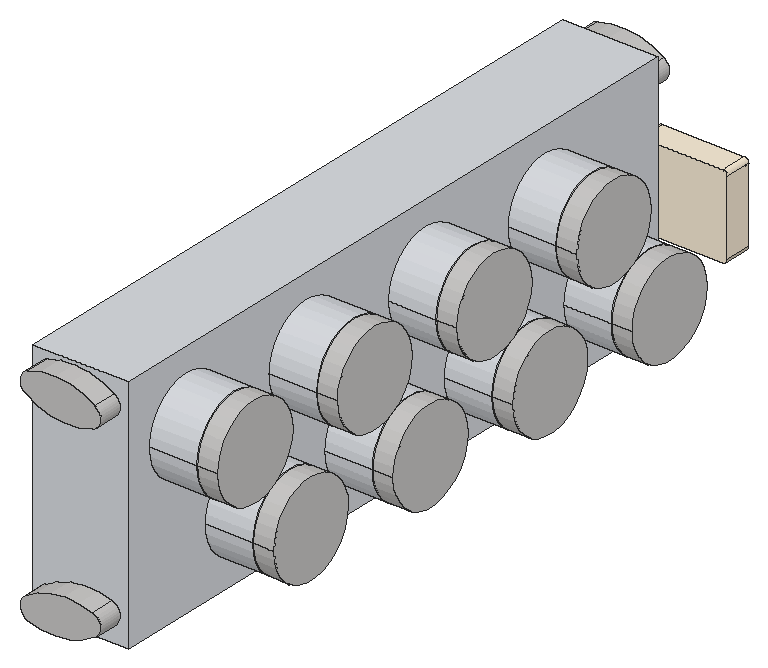
Revit family "HVAC_Ductwork_Airzone_Motorized-Plenum_Samsung_Standard_8-Dampers", category Mechanical Equipment, Revit 2016
Family settings
  Part Type = Normal
  Round Connector Dimension = Use Diameter
  OmniClass Number = 23.75.70.14
  OmniClass Title = Air Ductwork
  Work Plane-Based = No
  Always vertical = Yes
  Cut with Voids When Loaded = No
  Shared = No
  Room Calculation Point = No
Parameters (values of type "SAMST01L8")
  Voltage = 230 V
  URL = "www.airzone.es"
  Type Image Comments = "Image available in product documentation download"  # constant formula
  Revit Model Version = "1.0"  # constant formula
  Revit Model Author URL = "www.a3d.es"
  Revit Model Author = "A3D Consulting"  # constant formula
  Product Documentation Download URL = "http://doc.airzone.es/BIM/Easyzone/Samsung-Airzone_motorized_plenum.zip"
  Product Comments = "Refer to technical documentation for further details"  # constant formula
  Power Factor = 1
  Neck Width = 907.600 mm
  Neck Length = 95.000 mm
  Neck Height = 188.600 mm
  Material = Metal - AIRZONE - Galvanized Sheet - Semi-polished
  Main Control Board Material = Plastic - AIRZONE - Smooth - Off-white
  Load Classification = Other
  Insulated Body Width = 205.000 mm  # constant formula
  Insulated Body Material = Metal -AIRZONE - Insulating Lining -Aluminum Finish
  Insulated Body Length = 1425.000 mm  # constant formula
  Insulated Body Height = 515.000 mm  # constant formula
  Fresh Air Inlet 4 Flow [instance] = 0 m³/h
  Fresh Air Inlet 3 Flow [instance] = 0 m³/h
  Flow [instance] = Damper 8 Air Flow + Damper 7 Air Flow + Damper 6 Air Flow + Damper 5 Air Flow + Damper 4 Air Flow + Damper 3 Air Flow + Damper 2 Air Flow + Damper 1 Air Flow - Fresh Air Inlet 4 Flow - Fresh Air Inlet 3 Flow - Fresh Air Inlet 2 Flow - Fresh Air Inlet 1 Flow  # 2400 m³/h
  Fresh Air Inlet 1 Flow [instance] = 0 m³/h
  Fresh Air Inlet 2 Flow [instance] = 0 m³/h
  Fresh Air Inlet Connection Width = 175.000 mm
  Fresh Air Inlet Connection Height = 75.000 mm
  Model = "SAMST01L8"
  Neck Side Offset = 258.700 mm
  Neck Bottom Offset = 185.700 mm
  Type Image = <None>
  Manufacturer = "AIRZONE"  # constant formula
  Main Control Board Depth = 57.000 mm  # constant formula
  Main Control Board Width = 195.000 mm  # constant formula
  Main Control Board Height = 180.000 mm  # constant formula
  Fixing = ""
  Disclaimer = "All information provided in this model is reviewed before being published. However, Airzone cannot guarantee this model is error-free, therefore users are strongly encouraged to check for technical documentation and updates"  # constant formula
  Description = "Airzone standard motorized plenum with neck that mechanically adapts to the main ducted AC units of Samsung."
  Type Comments = ""
  Dampers Length = 149.000 mm  # constant formula
  Dampers Diameter = 200.000 mm  # constant formula
  Damper 8 Air Flow [instance] = 300 m³/h
  Damper 7 Air Flow [instance] = 300 m³/h
  Damper 6 Air Flow [instance] = 300 m³/h
  Damper 5 Air Flow [instance] = 300 m³/h
  Damper 4 Air Flow [instance] = 300 m³/h
  Damper 1 Air Flow [instance] = 300 m³/h
  Damper 2 Air Flow [instance] = 300 m³/h
  Damper 3 Air Flow [instance] = 300 m³/h
  Fresh Air Inlet Connection Offset Height = 48.305 mm  # constant formula
  Compatible Accesories = ""
  Apparent Load = 57.5 VA
Types (11, lengths in mm): name | Neck Width | Neck Height | Model | Neck Side Offset | Neck Bottom Offset
  SAMST06XL8 | 1271.600 | 273.600 | "SAMST06XL8" | 76.700 | 120.700
  SAMST06L8 | 1120.600 | 223.600 | "SAMST06L8" | 127.200 | 145.700
  SAMST05XL8 | 1003.600 | 256.600 | "SAMST05XL8" | 210.700 | 158.700
  SAMST05L8 | 907.600 | 232.600 | "SAMST05L8" | 258.700 | 171.700
  SAMST04XL8 | 1263.600 | 251.600 | "SAMST04XL8" | 80.700 | 137.200
  SAMST04L8 | 1263.600 | 251.600 | "SAMST04L8" | 80.700 | 137.200
  SAMST03XL8 | 1271.600 | 273.600 | "SAMST03XL8" | 76.700 | 120.700
  SAMST03L8 | 1170.600 | 223.600 | "SAMST03L8" | 127.200 | 145.700
  SAMST02XL8 | 1003.600 | 256.600 | "SAMST02XL8" | 210.700 | 167.700
  SAMST02L8 | 907.600 | 232.600 | "SAMST02L8" | 258.700 | 171.700
  SAMST01L8 | 907.600 | 188.600 | "SAMST01L8" | 258.700 | 185.700
Reference planes
  plane 1 "Center (Front/Back)": y = 0
  plane 2 "Center (Elevation)": z = 0
  plane 3 "Center (Left/Right)": x = 0
  plane 4 "Neck Back": y = 453.8
  plane 5 "Neck Front": y = -453.8
  plane 6 "Neck Top": z = 94.3
  plane 7 "Neck Bottom": z = -94.3
  plane 8 "Left": x = 95
  plane 9 "Bottom": z = -280
  plane 10 "Top": z = 235
  plane 11 "Front": y = -712.5
  plane 12 "Back": y = 712.5
  plane 13 "Right": x = 300
  plane 14 "Dampers Front": x = 449
  plane 15 "Dampers L1 Center (Elevation)": z = 85
  plane 16 "Damper3": y = -235.84
  plane 17 "Damper2": y = 85.83
  plane 18 "Damper1": y = 407.5
  plane 19 "Middle": y = 0
  plane 20 "FreshAir L2 Center (Elevation)": z = -231.695
  plane 21 "FreshAir1": y = 765
  plane 22 "FreshAir2": y = -765
  plane 23 "Dampers Lining": x = 404
  plane 24 "FreshAir Vertical Axis": x = 195.83
  plane 25 "ConnectionBox Side": x = 254
  plane 26 "Main Control Board Center (Left/Right)": x = 351.5
  plane 27 "Damper4": y = -557.51
  plane 28 "Dampers L2 Center (Elevation)": z = -130
  plane 29 "Damper5": y = 557.51
  plane 30 "Damper6": y = 235.84
  plane 31 "Damper7": y = -85.83
  plane 32 "Damper8": y = -407.5
  plane 33 "InsulatedBody Center (Elevation)": z = -22.5
  plane 34 "FreshAir L1 Center (Elevation)": z = 186.695
Forms (mm)
  Extrusion 1, solid, material "Metal - AIRZONE - Galvanized Sheet - Semi-polished" <- "Material"
    sketch origin (0, 0, 0) x (0, 1, 0) y (0, 0, 1)
      loop
        line (-453.8, 94.3) -> (-453.8, -94.3) -> (453.8, -94.3) -> (453.8, 94.3) -> (-453.8, 94.3)
    from 0 to 95
  Extrusion 2, solid, material "Metal -AIRZONE - Insulating Lining -Aluminum Finish" <- "Insulated Body Material"
    sketch origin (95, 0, 0) x (0, 1, 0) y (0, 0, 1)
      loop
        line (-712.5, 235) -> (-712.5, -280) -> (712.5, -280) -> (712.5, 235) -> (-712.5, 235)
    from 0 to 205
  Extrusion 3, solid, material "Metal - AIRZONE - Galvanized Sheet - Semi-polished" <- "Material"
    sketch origin (300, 0, 0) x (0, 1, 0) y (0, 0, 1)
      loop
        circle (-235.84, 85) r 100
    from 104 to 149
  Extrusion 4, solid, material "Metal - AIRZONE - Galvanized Sheet - Semi-polished" <- "Material"
    sketch origin (300, 0, 0) x (0, 1, 0) y (0, 0, 1)
      loop
        circle (85.83, 85) r 100
    from 104 to 149
  Extrusion 5, solid, material "Metal - AIRZONE - Galvanized Sheet - Semi-polished" <- "Material"
    sketch origin (300, 0, 0) x (0, 1, 0) y (0, 0, 1)
      loop
        circle (407.5, 85) r 100
    from 104 to 149
  Extrusion 6, solid, material "Metal - AIRZONE - Galvanized Sheet - Semi-polished" <- "Material"
    sketch origin (0, -712.5, 0) x (0, 0, 1) y (1, 0, 0)
      loop
        arc (-199.141, 265.204) -> (-220.608, 282.105) -> (-245.312, 270.434) r 25.96
        arc (-245.312, 270.434) -> (-271.302, 200.598) -> (-263.849, 126.456) r 164.67
        arc (-263.849, 126.456) -> (-242.665, 109.589) -> (-217.994, 120.751) r 25.96
        arc (-217.994, 120.751) -> (-191.725, 190.78) -> (-199.141, 265.204) r 164.67
    from 0 to -52.5
  Extrusion 7, solid, material "Metal - AIRZONE - Galvanized Sheet - Semi-polished" <- "Material"
    sketch origin (0, 712.5, 0) x (0, 0, 1) y (1, 0, 0)
      loop
        arc (-199.141, 265.204) -> (-220.325, 282.071) -> (-244.996, 270.909) r 25.96
        arc (-244.996, 270.909) -> (-271.179, 201.53) -> (-264.267, 127.699) r 164.67
        arc (-264.267, 127.699) -> (-243.032, 109.637) -> (-217.678, 121.226) r 25.96
        arc (-217.678, 121.226) -> (-191.688, 191.062) -> (-199.141, 265.204) r 164.67
    from 0 to 52.5
  Extrusion 8, solid, material "Metal -AIRZONE - Insulating Lining -Aluminum Finish" <- "Insulated Body Material"
    sketch origin (300, 0, 0) x (0, 1, 0) y (0, 0, 1)
      loop
        circle (407.5, 85) r 100
    from 0 to 104
  Extrusion 9, solid, material "Metal -AIRZONE - Insulating Lining -Aluminum Finish" <- "Insulated Body Material"
    sketch origin (300, -260, 0) x (0, 1, 0) y (0, 0, 1)
      loop
        circle (345.83, 85) r 100
    from 0 to 104
  Extrusion 10, solid, material "Metal -AIRZONE - Insulating Lining -Aluminum Finish" <- "Insulated Body Material"
    sketch origin (300, -520, 0) x (0, 1, 0) y (0, 0, 1)
      loop
        circle (284.16, 85) r 100
    from 0 to 104
  Extrusion 11, solid, material "Metal - AIRZONE - Galvanized Sheet - Semi-polished" <- "Material"
    sketch origin (300, -190, 0) x (0, 1, 0) y (0, 0, 1)
      loop
        circle (-367.51, 85) r 100
    from 104 to 149
  Extrusion 12, solid, material "Metal -AIRZONE - Insulating Lining -Aluminum Finish" <- "Insulated Body Material"
    sketch origin (300, -710, 0) x (0, 1, 0) y (0, 0, 1)
      loop
        circle (152.49, 85) r 100
    from 0 to 104
  Extrusion 13, solid, material "Metal -AIRZONE - Insulating Lining -Aluminum Finish" <- "Insulated Body Material"
    sketch origin (300, -100, 0) x (0, 1, 0) y (0, 0, 1)
      loop
        circle (657.51, -130) r 100
    from 0 to 104
  Extrusion 14, solid, material "Metal - AIRZONE - Galvanized Sheet - Semi-polished" <- "Material"
    sketch origin (300, 150.01, 0) x (0, 1, 0) y (0, 0, 1)
      loop
        circle (407.5, -130) r 100
    from 104 to 149
  Extrusion 15, solid, material "Metal -AIRZONE - Insulating Lining -Aluminum Finish" <- "Insulated Body Material"
    sketch origin (300, -421.67, 0) x (0, 1, 0) y (0, 0, 1)
      loop
        circle (657.51, -130) r 100
    from 0 to 104
  Extrusion 16, solid, material "Metal - AIRZONE - Galvanized Sheet - Semi-polished" <- "Material"
    sketch origin (300, -171.66, 0) x (0, 1, 0) y (0, 0, 1)
      loop
        circle (407.5, -130) r 100
    from 104 to 149
  Extrusion 17, solid, material "Metal -AIRZONE - Insulating Lining -Aluminum Finish" <- "Insulated Body Material"
    sketch origin (300, -743.34, 0) x (0, 1, 0) y (0, 0, 1)
      loop
        circle (657.51, -130) r 100
    from 0 to 104
  Extrusion 18, solid, material "Metal - AIRZONE - Galvanized Sheet - Semi-polished" <- "Material"
    sketch origin (300, -493.33, 0) x (0, 1, 0) y (0, 0, 1)
      loop
        circle (407.5, -130) r 100
    from 104 to 149
  Extrusion 19, solid, material "Metal -AIRZONE - Insulating Lining -Aluminum Finish" <- "Insulated Body Material"
    sketch origin (300, -1065.01, 0) x (0, 1, 0) y (0, 0, 1)
      loop
        circle (657.51, -130) r 100
    from 0 to 104
  Extrusion 20, solid, material "Metal - AIRZONE - Galvanized Sheet - Semi-polished" <- "Material"
    sketch origin (300, -815, 0) x (0, 1, 0) y (0, 0, 1)
      loop
        circle (407.5, -130) r 100
    from 104 to 149
  Extrusion 21, solid, material "Metal - AIRZONE - Galvanized Sheet - Semi-polished" <- "Material"
    sketch origin (0, -712.5, -30) x (0, 0, -1) y (-1, 0, 0)
      loop
        arc (-184.141, -265.204) -> (-176.725, -190.78) -> (-202.994, -120.751) r 164.67
        arc (-202.994, -120.751) -> (-227.665, -109.589) -> (-248.849, -126.456) r 25.96
        arc (-248.849, -126.456) -> (-256.302, -200.598) -> (-230.312, -270.434) r 164.67
        arc (-230.312, -270.434) -> (-205.608, -282.105) -> (-184.141, -265.204) r 25.96
    from 0 to -52.5
  Extrusion 22, solid, material "Metal - AIRZONE - Galvanized Sheet - Semi-polished" <- "Material"
    sketch origin (0, 712.5, -30) x (0, 0, -1) y (-1, 0, 0)
      loop
        arc (-184.141, -265.204) -> (-176.688, -191.062) -> (-202.678, -121.226) r 164.67
        arc (-202.678, -121.226) -> (-228.032, -109.637) -> (-249.267, -127.699) r 25.96
        arc (-249.267, -127.699) -> (-256.179, -201.53) -> (-229.996, -270.909) r 164.67
        arc (-229.996, -270.909) -> (-205.325, -282.071) -> (-184.141, -265.204) r 25.96
    from 0 to 52.5
Lines and regions (mm)
  Masking region 1
    outline origin (0, 0, 0) x (1, 0, 0) y (0, 1, 0)
      loop
        line (95, 712.5) -> (95, -712.5) -> (300, -712.5) -> (300, 712.5) -> (95, 712.5)
  Masking region 2, detail levels medium+fine
    outline origin (0, 0, 0) x (1, 0, 0) y (0, 1, 0)
      loop
        line (0, 453.8) -> (0, -453.8) -> (95, -453.8) -> (95, 453.8) -> (0, 453.8)
  Masking region 3, detail levels medium+fine
    outline origin (0, 0, -231.695) x (1, 0, 0) y (0, 1, 0)
      loop
        line (108.33, 765) -> (108.33, 712.5) -> (283.33, 712.5) -> (283.33, 765) -> (108.33, 765)
  Masking region 4, detail levels medium+fine
    outline origin (0, 0, -231.695) x (1, 0, 0) y (0, 1, 0)
      loop
        line (108.33, -712.5) -> (108.33, -765) -> (283.33, -765) -> (283.33, -712.5) -> (108.33, -712.5)
  Masking region 5, detail levels medium+fine
    outline origin (0, 0, 0) x (1, 0, 0) y (0, 1, 0)
      loop
        line (254, 769.5) -> (254, 712.5) -> (449, 712.5) -> (449, 769.5) -> (254, 769.5)
  Masking region 6, detail levels medium+fine
    outline origin (0, 0, 85) x (0, -1, 0) y (1, 0, 0)
      loop
        line (457.51, 300) -> (657.51, 300) -> (657.51, 449) -> (457.51, 449) -> (457.51, 300)
  Masking region 7, detail levels medium+fine
    outline origin (0, 321.67, 85) x (0, -1, 0) y (1, 0, 0)
      loop
        line (457.51, 300) -> (657.51, 300) -> (657.51, 449) -> (457.51, 449) -> (457.51, 300)
  Masking region 8, detail levels medium+fine
    outline origin (0, 643.34, 85) x (0, -1, 0) y (1, 0, 0)
      loop
        line (457.51, 300) -> (657.51, 300) -> (657.51, 449) -> (457.51, 449) -> (457.51, 300)
  Masking region 9, detail levels medium+fine
    outline origin (0, 965.01, 85) x (0, -1, 0) y (1, 0, 0)
      loop
        line (457.51, 300) -> (657.51, 300) -> (657.51, 449) -> (457.51, 449) -> (457.51, 300)
  Masking region 10, detail levels medium+fine
    outline origin (0, 0, -130) x (0, -1, 0) y (1, 0, 0)
      loop
        line (-657.51, 300) -> (-457.51, 300) -> (-457.51, 449) -> (-657.51, 449) -> (-657.51, 300)
  Masking region 11, detail levels medium+fine
    outline origin (0, -321.67, -130) x (0, -1, 0) y (1, 0, 0)
      loop
        line (-657.51, 300) -> (-457.51, 300) -> (-457.51, 449) -> (-657.51, 449) -> (-657.51, 300)
  Masking region 12, detail levels medium+fine
    outline origin (0, -643.34, -130) x (0, -1, 0) y (1, 0, 0)
      loop
        line (-657.51, 300) -> (-457.51, 300) -> (-457.51, 449) -> (-657.51, 449) -> (-657.51, 300)
  Masking region 13, detail levels medium+fine
    outline origin (0, -965.01, -130) x (0, -1, 0) y (1, 0, 0)
      loop
        line (-657.51, 300) -> (-457.51, 300) -> (-457.51, 449) -> (-657.51, 449) -> (-657.51, 300)
  symbolic lines, detail levels coarse
    curve 1: line (95, -712.5, 0) -> (300, 0, 0)
    curve 2: line (300, 0, 0) -> (95, 712.5, 0)
Dimensions and locks
  equal spacing: plane 4 "Neck Back", plane 1 "Center (Front/Back)", plane 5 "Neck Front"
  "Neck Width": plane 4 "Neck Back" to plane 5 "Neck Front"
  equal spacing: plane 6 "Neck Top", level, plane 7 "Neck Bottom"
  "Neck Height": plane 6 "Neck Top" to plane 7 "Neck Bottom"
  "Neck Length": plane 3 "Center (Left/Right)" to plane 8 "Left"
  "Neck Bottom Offset": plane 7 "Neck Bottom" to plane 9 "Bottom"
  "Insulated Body Height": plane 10 "Top" to plane 9 "Bottom"
  "Insulated Body Length": plane 12 "Back" to plane 11 "Front"
  "Insulated Body Width": plane 8 "Left" to plane 13 "Right"
  "Dampers Length": plane 13 "Right" to plane 14 "Dampers Front"
  equal spacing: plane 12 "Back", plane 19 "Middle", plane 11 "Front"
  plane 8 "Left" to plane 13 "Right" = 205.000 mm
  "Fresh Air Inlet Connection Offset Height": plane 20 "FreshAir L2 Center (Elevation)" to plane 9 "Bottom"
  locked: Extrusion 6 sketch curve to plane 9 "Bottom" at 56.47
  locked: plane 13 "Right" to Extrusion 6 sketch curve at 43.69
  locked: plane 13 "Right" to Extrusion 6 sketch curve at 164.65
  locked: Extrusion 6 sketch curve to plane 9 "Bottom" at 40.54
  locked: plane 13 "Right" to Extrusion 6 sketch curve at 87.91
  locked: plane 9 "Bottom" to Extrusion 6 sketch curve at 75.01
  locked: plane 13 "Right" to Extrusion 6 sketch curve at 120.43
  locked: Extrusion 6 sketch curve to plane 9 "Bottom" at 172.02
  locked: plane 13 "Right" to Extrusion 7 sketch curve at 43.69
  locked: Extrusion 7 sketch curve to plane 9 "Bottom" at 56.47
  locked: Extrusion 7 sketch curve to plane 9 "Bottom" at 40.54
  locked: plane 13 "Right" to Extrusion 7 sketch curve at 164.65
  locked: plane 13 "Right" to Extrusion 7 sketch curve at 120.43
  locked: Extrusion 7 sketch curve to plane 9 "Bottom" at 172.02
  locked: plane 9 "Bottom" to Extrusion 7 sketch curve at 75.01
  locked: plane 13 "Right" to Extrusion 7 sketch curve at 87.91
  "Neck Side Offset": plane 12 "Back" to plane 4 "Neck Back"
  locked: plane 21 "FreshAir1" to plane 12 "Back" at 52.5
  plane 11 "Front" to plane 22 "FreshAir2" = 52.500 mm
  locked: connector elem to plane 13 "Right" at 104.17
  locked: plane 20 "FreshAir L2 Center (Elevation)" to connector elem
  locked: plane 13 "Right" to connector elem at 104.17
  locked: connector elem to plane 20 "FreshAir L2 Center (Elevation)"
  locked: plane 23 "Dampers Lining" to plane 14 "Dampers Front" at 45
  locked: plane 24 "FreshAir Vertical Axis" to plane 13 "Right" at 104.17
  equal spacing: Masking region 3 sketch curve, plane 24 "FreshAir Vertical Axis", Masking region 3 sketch curve
  "Fresh Air Inlet Connection Width": Masking region 3 sketch curve to Masking region 3 sketch curve
  equal spacing: Masking region 4 sketch curve, plane 24 "FreshAir Vertical Axis", Masking region 4 sketch curve
  "Fresh Air Inlet Connection Width": Masking region 4 sketch curve to Masking region 4 sketch curve
  "Main Control Board Depth": Masking region 5 sketch curve to plane 12 "Back"
  "Main Control Board Width": plane 25 "ConnectionBox Side" to plane 14 "Dampers Front"
  equal spacing: plane 25 "ConnectionBox Side", plane 26 "Main Control Board Center (Left/Right)", plane 14 "Dampers Front"
  equal spacing: Masking region 6 sketch curve, plane 27 "Damper4", Masking region 6 sketch curve
  "Dampers Diameter": Masking region 6 sketch curve to Masking region 6 sketch curve
  plane 18 "Damper1" to plane 17 "Damper2" to plane 16 "Damper3" to plane 27 "Damper4" = 321.670 mm locked, 321.670 mm locked, 321.670 mm locked
  locked: plane 17 "Damper2" to plane 19 "Middle" at 85.83
  locked: plane 10 "Top" to plane 15 "Dampers L1 Center (Elevation)" at 150
  locked: plane 28 "Dampers L2 Center (Elevation)" to plane 9 "Bottom" at 150
  plane 29 "Damper5" to plane 30 "Damper6" to plane 31 "Damper7" to plane 32 "Damper8" = 321.670 mm locked, 321.670 mm locked, 321.670 mm locked
  locked: plane 19 "Middle" to plane 31 "Damper7" at 85.83
  equal spacing: Masking region 7 sketch curve, plane 16 "Damper3", Masking region 7 sketch curve
  "Dampers Diameter": Masking region 7 sketch curve to Masking region 7 sketch curve
  equal spacing: Masking region 8 sketch curve, plane 17 "Damper2", Masking region 8 sketch curve
  "Dampers Diameter": Masking region 8 sketch curve to Masking region 8 sketch curve
  equal spacing: Masking region 9 sketch curve, plane 18 "Damper1", Masking region 9 sketch curve
  "Dampers Diameter": Masking region 9 sketch curve to Masking region 9 sketch curve
  equal spacing: Masking region 10 sketch curve, plane 29 "Damper5", Masking region 10 sketch curve
  "Dampers Diameter": Masking region 10 sketch curve to Masking region 10 sketch curve
  equal spacing: Masking region 11 sketch curve, plane 30 "Damper6", Masking region 11 sketch curve
  "Dampers Diameter": Masking region 11 sketch curve to Masking region 11 sketch curve
  equal spacing: Masking region 12 sketch curve, plane 31 "Damper7", Masking region 12 sketch curve
  "Dampers Diameter": Masking region 12 sketch curve to Masking region 12 sketch curve
  equal spacing: Masking region 13 sketch curve, plane 32 "Damper8", Masking region 13 sketch curve
  "Dampers Diameter": Masking region 13 sketch curve to Masking region 13 sketch curve
  equal spacing: plane 10 "Top", plane 33 "InsulatedBody Center (Elevation)", plane 9 "Bottom"
  locked: plane 13 "Right" to Extrusion 21 sketch curve at 43.69
  locked: plane 13 "Right" to Extrusion 21 sketch curve at 87.91
  locked: plane 13 "Right" to Extrusion 21 sketch curve at 120.43
  locked: plane 13 "Right" to Extrusion 21 sketch curve at 164.65
  locked: Extrusion 21 sketch curve to plane 10 "Top" at 75.01
  locked: plane 10 "Top" to Extrusion 21 sketch curve at 40.54
  locked: plane 10 "Top" to Extrusion 21 sketch curve at 56.47
  locked: plane 10 "Top" to Extrusion 21 sketch curve at 172.02
  locked: plane 10 "Top" to Extrusion 22 sketch curve at 75.01
  locked: Extrusion 22 sketch curve to plane 10 "Top" at 40.54
  locked: Extrusion 22 sketch curve to plane 10 "Top" at 56.47
  locked: Extrusion 22 sketch curve to plane 10 "Top" at 172.02
  locked: plane 13 "Right" to Extrusion 22 sketch curve at 43.69
  locked: plane 13 "Right" to Extrusion 22 sketch curve at 87.91
  locked: plane 13 "Right" to Extrusion 22 sketch curve at 120.43
  locked: plane 13 "Right" to Extrusion 22 sketch curve at 164.65
  "Fresh Air Inlet Connection Offset Height": plane 10 "Top" to plane 34 "FreshAir L1 Center (Elevation)"
  locked: connector elem to plane 24 "FreshAir Vertical Axis"  (x2)
  locked: connector elem to plane 34 "FreshAir L1 Center (Elevation)"  (x2)
  "Dampers Diameter": diameter of Extrusion 3 sketch curve
  "Dampers Diameter": diameter of Extrusion 4 sketch curve
  "Dampers Diameter": diameter of Extrusion 5 sketch curve
  radius of Extrusion 7 sketch curve = 164.670 mm  (x2)
  radius of Extrusion 7 sketch curve = 25.960 mm  (x2)
  radius of Extrusion 6 sketch curve = 164.670 mm  (x2)
  radius of Extrusion 6 sketch curve = 25.960 mm  (x2)
  "Dampers Diameter": diameter of Extrusion 8 sketch curve
  "Dampers Diameter": diameter of Extrusion 9 sketch curve
  "Dampers Diameter": diameter of Extrusion 10 sketch curve
  "Dampers Diameter": diameter of Extrusion 11 sketch curve
  "Dampers Diameter": diameter of Extrusion 12 sketch curve
  "Dampers Diameter": diameter of Extrusion 13 sketch curve
  "Dampers Diameter": diameter of Extrusion 14 sketch curve
  "Dampers Diameter": diameter of Extrusion 15 sketch curve
  "Dampers Diameter": diameter of Extrusion 16 sketch curve
  "Dampers Diameter": diameter of Extrusion 17 sketch curve
  "Dampers Diameter": diameter of Extrusion 18 sketch curve
  "Dampers Diameter": diameter of Extrusion 19 sketch curve
  "Dampers Diameter": diameter of Extrusion 20 sketch curve
  radius of Extrusion 21 sketch curve = 164.670 mm  (x2)
  radius of Extrusion 21 sketch curve = 25.960 mm  (x2)
  radius of Extrusion 22 sketch curve = 164.670 mm  (x2)
  radius of Extrusion 22 sketch curve = 25.960 mm  (x2)
  aligned and locked: level to plane 2 "Center (Elevation)"
  aligned and locked: plane 5 "Neck Front" to Extrusion 1 sketch curve
  aligned and locked: Extrusion 1 sketch curve to plane 6 "Neck Top"
  aligned and locked: Extrusion 1 sketch curve to plane 4 "Neck Back"
  aligned and locked: plane 7 "Neck Bottom" to Extrusion 1 sketch curve
  aligned and locked: Extrusion 1 to plane 3 "Center (Left/Right)"
  aligned and locked: Extrusion 2 sketch curve to plane 10 "Top"
  aligned and locked: Extrusion 2 sketch curve to plane 12 "Back"
  aligned and locked: plane 9 "Bottom" to Extrusion 2 sketch curve
  aligned and locked: plane 11 "Front" to Extrusion 2 sketch curve
  aligned and locked: plane 13 "Right" to Extrusion 2
  aligned and locked: Extrusion 2 to plane 8 "Left"
  aligned and locked: plane 16 "Damper3" to Extrusion 3 sketch curve
  aligned and locked: plane 15 "Dampers L1 Center (Elevation)" to Extrusion 3 sketch curve
  aligned and locked: plane 15 "Dampers L1 Center (Elevation)" to Extrusion 4 sketch curve
  aligned and locked: plane 18 "Damper1" to Extrusion 5 sketch curve
  aligned and locked: plane 15 "Dampers L1 Center (Elevation)" to Extrusion 5 sketch curve
  aligned and locked: plane 14 "Dampers Front" to Extrusion 5
  aligned and locked: plane 14 "Dampers Front" to Extrusion 4
  aligned and locked: plane 14 "Dampers Front" to Extrusion 3
  aligned and locked: plane 8 "Left" to Extrusion 1
  aligned and locked: plane 22 "FreshAir2" to Extrusion 6
  aligned and locked: plane 21 "FreshAir1" to Extrusion 7
  aligned and locked: Extrusion 7 to plane 12 "Back"
  aligned and locked: plane 11 "Front" to Extrusion 6
  aligned and locked: Extrusion 5 to plane 23 "Dampers Lining"
  aligned and locked: Extrusion 5 to Extrusion 4
  aligned and locked: Extrusion 4 to Extrusion 3
  aligned and locked: plane 23 "Dampers Lining" to Extrusion 8
  aligned and locked: Extrusion 10 to plane 13 "Right"
  aligned and locked: plane 23 "Dampers Lining" to Extrusion 10
  aligned and locked: Extrusion 9 to plane 13 "Right"
  aligned and locked: plane 23 "Dampers Lining" to Extrusion 9
  aligned and locked: Extrusion 8 to plane 13 "Right"
  aligned and locked: Extrusion 9 to Extrusion 8
  aligned and locked: plane 18 "Damper1" to Extrusion 8 sketch curve
  aligned and locked: plane 15 "Dampers L1 Center (Elevation)" to Extrusion 8 sketch curve
  aligned and locked: plane 15 "Dampers L1 Center (Elevation)" to Extrusion 9 sketch curve
  aligned and locked: plane 16 "Damper3" to Extrusion 10 sketch curve
  aligned and locked: plane 15 "Dampers L1 Center (Elevation)" to Extrusion 10 sketch curve
  aligned and locked: Masking region 1 sketch curve to plane 12 "Back"
  aligned and locked: plane 8 "Left" to Masking region 1 sketch curve
  aligned and locked: Masking region 1 sketch curve to plane 13 "Right"
  aligned and locked: plane 11 "Front" to Masking region 1 sketch curve
  aligned and locked: plane 5 "Neck Front" to Masking region 2 sketch curve
  aligned and locked: plane 3 "Center (Left/Right)" to Masking region 2 sketch curve
  aligned and locked: Masking region 2 sketch curve to plane 4 "Neck Back"
  aligned and locked: Masking region 2 sketch curve to plane 8 "Left"
  aligned and locked: plane 12 "Back" to Masking region 3 sketch curve
  aligned and locked: Masking region 3 sketch curve to plane 21 "FreshAir1"
  aligned and locked: Masking region 4 sketch curve to plane 11 "Front"
  aligned and locked: Masking region 4 sketch curve to plane 22 "FreshAir2"
  aligned and locked: plane 12 "Back" to Masking region 5 sketch curve
  aligned and locked: Masking region 5 sketch curve to plane 14 "Dampers Front"
  aligned and locked: plane 25 "ConnectionBox Side" to Masking region 5 sketch curve
  aligned and locked: plane 17 "Damper2" to Extrusion 9 sketch curve
  aligned and locked: plane 17 "Damper2" to Extrusion 4 sketch curve
  aligned and locked: Masking region 6 sketch curve to plane 14 "Dampers Front"
  aligned and locked: plane 13 "Right" to Masking region 6 sketch curve
  aligned and locked: Extrusion 12 to plane 13 "Right"
  aligned and locked: plane 23 "Dampers Lining" to Extrusion 12
  aligned and locked: Extrusion 11 to plane 23 "Dampers Lining"
  aligned and locked: plane 14 "Dampers Front" to Extrusion 11
  aligned and locked: plane 15 "Dampers L1 Center (Elevation)" to Extrusion 12 sketch curve
  aligned and locked: plane 27 "Damper4" to Extrusion 12 sketch curve
  aligned and locked: plane 15 "Dampers L1 Center (Elevation)" to Extrusion 11 sketch curve
  aligned and locked: plane 27 "Damper4" to Extrusion 11 sketch curve
  aligned and locked: Extrusion 13 to plane 13 "Right"
  aligned and locked: plane 23 "Dampers Lining" to Extrusion 13
  aligned and locked: plane 28 "Dampers L2 Center (Elevation)" to Extrusion 13 sketch curve
  aligned and locked: plane 29 "Damper5" to Extrusion 13 sketch curve
  aligned and locked: Extrusion 14 to plane 23 "Dampers Lining"
  aligned and locked: plane 14 "Dampers Front" to Extrusion 14
  aligned and locked: plane 28 "Dampers L2 Center (Elevation)" to Extrusion 14 sketch curve
  aligned and locked: plane 29 "Damper5" to Extrusion 14 sketch curve
  aligned and locked: Extrusion 15 to plane 13 "Right"
  aligned and locked: plane 23 "Dampers Lining" to Extrusion 15
  aligned and locked: Extrusion 17 to plane 13 "Right"
  aligned and locked: plane 23 "Dampers Lining" to Extrusion 17
  aligned and locked: Extrusion 19 to plane 13 "Right"
  aligned and locked: plane 23 "Dampers Lining" to Extrusion 19
  aligned and locked: Extrusion 20 to plane 23 "Dampers Lining"
  aligned and locked: plane 14 "Dampers Front" to Extrusion 20
  aligned and locked: Extrusion 18 to plane 23 "Dampers Lining"
  aligned and locked: plane 14 "Dampers Front" to Extrusion 18
  aligned and locked: Extrusion 16 to plane 23 "Dampers Lining"
  aligned and locked: plane 14 "Dampers Front" to Extrusion 16
  aligned and locked: plane 30 "Damper6" to Extrusion 16 sketch curve
  aligned and locked: plane 28 "Dampers L2 Center (Elevation)" to Extrusion 16 sketch curve
  aligned and locked: plane 31 "Damper7" to Extrusion 18 sketch curve
  aligned and locked: plane 28 "Dampers L2 Center (Elevation)" to Extrusion 18 sketch curve
  aligned and locked: plane 32 "Damper8" to Extrusion 20 sketch curve
  aligned and locked: plane 28 "Dampers L2 Center (Elevation)" to Extrusion 20 sketch curve
  aligned and locked: plane 32 "Damper8" to Extrusion 19 sketch curve
  aligned and locked: plane 28 "Dampers L2 Center (Elevation)" to Extrusion 19 sketch curve
  aligned and locked: plane 28 "Dampers L2 Center (Elevation)" to Extrusion 17 sketch curve
  aligned and locked: plane 31 "Damper7" to Extrusion 17 sketch curve
  aligned and locked: plane 30 "Damper6" to Extrusion 15 sketch curve
  aligned and locked: plane 28 "Dampers L2 Center (Elevation)" to Extrusion 15 sketch curve
  aligned and locked: plane 13 "Right" to Masking region 7 sketch curve
  aligned and locked: Masking region 7 sketch curve to plane 14 "Dampers Front"
  aligned and locked: plane 13 "Right" to Masking region 8 sketch curve
  aligned and locked: Masking region 8 sketch curve to plane 14 "Dampers Front"
  aligned and locked: plane 13 "Right" to Masking region 9 sketch curve
  aligned and locked: Masking region 9 sketch curve to plane 14 "Dampers Front"
  aligned and locked: plane 13 "Right" to Masking region 10 sketch curve
  aligned and locked: Masking region 10 sketch curve to plane 14 "Dampers Front"
  aligned and locked: plane 13 "Right" to Masking region 13 sketch curve
  aligned and locked: Masking region 13 sketch curve to plane 14 "Dampers Front"
  aligned and locked: plane 13 "Right" to Masking region 12 sketch curve
  aligned and locked: Masking region 12 sketch curve to plane 14 "Dampers Front"
  aligned and locked: plane 13 "Right" to Masking region 11 sketch curve
  aligned and locked: Masking region 11 sketch curve to plane 14 "Dampers Front"
  aligned and locked: plane 11 "Front" to Extrusion 21
  aligned and locked: plane 22 "FreshAir2" to Extrusion 21
  aligned and locked: plane 21 "FreshAir1" to Extrusion 22
  aligned and locked: Extrusion 22 to plane 12 "Back"
  aligned and locked: nested 1 to plane 12 "Back"
  aligned and locked: nested 1 to plane 26 "Main Control Board Center (Left/Right)"
  aligned and locked: nested 1 to plane 33 "InsulatedBody Center (Elevation)"
Automatic sketch dimensions
  curve 2 to plane 8 "Left" = 0.000 mm
  curve 1 to plane 8 "Left" = 0.000 mm
  curve 2 to plane 13 "Right" = 0.000 mm
  curve 1 to plane 11 "Front" = 0.000 mm
  curve 2 to plane 19 "Middle" = 0.000 mm
  curve 2 to plane 12 "Back" = 0.000 mm
Nested families
  nested 1: "Airzone_Main-Control-Board" at (351.5, 712.5, -22.5) x (-1, 0, 0) z (0, 1, 0), Extrusion <- "Main Control Board Depth", Height <- "Main Control Board Height", Width <- "Main Control Board Width", Material <- "Main Control Board Material", type "Standard"
    with Width 195.000 mm, Material Plastic - AIRZONE - Smooth - Off-white, Height 180.000 mm, Extrusion 57.000 mm
Connectors
  hvac at (449, -235.84, 85), driven by "Damper 3 Air Flow", driven by "Dampers Diameter"
    settings: on Extrusion 3, index 1, duct flow 300 m³/h, flow factor 0, pres drop 0.0 Pa, loss coef 0, conn angle 0.00°, conn width 304.8 mm, conn height 304.8 mm, conn diameter 200 mm, duct sys type 1, conn prof type 0, flow config 0, flow direction 2, loss method 0, conn ref index -1, conn util no, is conn primary no, conn desc "Supply Air Out 3"
  hvac at (449, 85.83, 85), driven by "Damper 2 Air Flow", driven by "Dampers Diameter"
    settings: on Extrusion 4, index 2, duct flow 300 m³/h, flow factor 0, pres drop 0.0 Pa, loss coef 0, conn angle 0.00°, conn width 304.8 mm, conn height 304.8 mm, conn diameter 200 mm, duct sys type 1, conn prof type 0, flow config 0, flow direction 2, loss method 0, conn ref index -1, conn util no, is conn primary no, conn desc "Supply Air Out 2"
  hvac at (449, 407.5, 85), driven by "Damper 1 Air Flow", driven by "Dampers Diameter"
    settings: on Extrusion 5, index 3, duct flow 300 m³/h, flow factor 0, pres drop 0.0 Pa, loss coef 0, conn angle 0.00°, conn width 304.8 mm, conn height 304.8 mm, conn diameter 200 mm, duct sys type 1, conn prof type 0, flow config 0, flow direction 2, loss method 0, conn ref index -1, conn util no, is conn primary no, conn desc "Supply Air Out 1"
  hvac at (0, 0, 0), driven by "Flow", driven by "Neck Height", driven by "Neck Width"
    settings: on Extrusion 1, index 6, duct flow 2400 m³/h, flow factor 0, pres drop 0.0 Pa, loss coef 0, conn angle 0.00°, conn width 907.6 mm, conn height 188.6 mm, conn diameter 609.6 mm, duct sys type 1, conn prof type 1, flow config 1, flow direction 1, loss method 0, conn ref index -1, conn util no, is conn primary yes, conn desc "Supply Air In"
  hvac at (195.83, -765, -231.695), driven by "Fresh Air Inlet 4 Flow", driven by "Fresh Air Inlet Connection Width", driven by "Fresh Air Inlet Connection Height"
    settings: index 7, duct flow 0 m³/h, flow factor 0, pres drop 0.0 Pa, loss coef 0, conn angle 0.00°, conn width 175 mm, conn height 75 mm, conn diameter 609.6 mm, duct sys type 1, conn prof type 2, flow config 1, flow direction 1, loss method 0, conn ref index -1, conn util no, is conn primary no, conn desc "Fresh Air In 4"
  hvac at (195.83, 765, -231.695), driven by "Fresh Air Inlet 3 Flow", driven by "Fresh Air Inlet Connection Height", driven by "Fresh Air Inlet Connection Width"
    settings: index 8, duct flow 0 m³/h, flow factor 0, pres drop 0.0 Pa, loss coef 0, conn angle 0.00°, conn width 175 mm, conn height 75 mm, conn diameter 609.6 mm, duct sys type 1, conn prof type 2, flow config 1, flow direction 1, loss method 0, conn ref index -1, conn util no, is conn primary no, conn desc "Fresh Air In 3"
  hvac at (449, -557.51, 85), driven by "Damper 4 Air Flow", driven by "Dampers Diameter"
    settings: on Extrusion 11, index 9, duct flow 300 m³/h, flow factor 0, pres drop 0.0 Pa, loss coef 0, conn angle 0.00°, conn width 304.8 mm, conn height 304.8 mm, conn diameter 200 mm, duct sys type 1, conn prof type 0, flow config 0, flow direction 2, loss method 0, conn ref index -1, conn util no, is conn primary no, conn desc "Supply Air Out 4"
  hvac at (449, 557.51, -130), driven by "Dampers Diameter", driven by "Damper 5 Air Flow"
    settings: on Extrusion 14, index 10, duct flow 300 m³/h, flow factor 0, pres drop 0.0 Pa, loss coef 0, conn angle 0.00°, conn width 304.8 mm, conn height 304.8 mm, conn diameter 200 mm, duct sys type 1, conn prof type 0, flow config 0, flow direction 2, loss method 0, conn ref index -1, conn util no, is conn primary no, conn desc ""
  hvac at (449, 235.84, -130), driven by "Dampers Diameter", driven by "Damper 6 Air Flow"
    settings: on Extrusion 16, index 11, duct flow 300 m³/h, flow factor 0, pres drop 0.0 Pa, loss coef 0, conn angle 0.00°, conn width 304.8 mm, conn height 304.8 mm, conn diameter 200 mm, duct sys type 1, conn prof type 0, flow config 0, flow direction 2, loss method 0, conn ref index -1, conn util no, is conn primary no, conn desc ""
  hvac at (449, -85.83, -130), driven by "Dampers Diameter", driven by "Damper 7 Air Flow"
    settings: on Extrusion 18, index 12, duct flow 300 m³/h, flow factor 0, pres drop 0.0 Pa, loss coef 0, conn angle 0.00°, conn width 304.8 mm, conn height 304.8 mm, conn diameter 200 mm, duct sys type 1, conn prof type 0, flow config 0, flow direction 2, loss method 0, conn ref index -1, conn util no, is conn primary no, conn desc ""
  hvac at (449, -407.5, -130), driven by "Dampers Diameter", driven by "Damper 8 Air Flow"
    settings: on Extrusion 20, index 13, duct flow 300 m³/h, flow factor 0, pres drop 0.0 Pa, loss coef 0, conn angle 0.00°, conn width 304.8 mm, conn height 304.8 mm, conn diameter 200 mm, duct sys type 1, conn prof type 0, flow config 0, flow direction 2, loss method 0, conn ref index -1, conn util no, is conn primary no, conn desc ""
  hvac at (195.83, -765, 186.695), driven by "Fresh Air Inlet 2 Flow", driven by "Fresh Air Inlet Connection Height", driven by "Fresh Air Inlet Connection Width"
    settings: index 14, duct flow 0 m³/h, flow factor 0, pres drop 0.0 Pa, loss coef 0, conn angle 0.00°, conn width 175 mm, conn height 75 mm, conn diameter 609.6 mm, duct sys type 1, conn prof type 2, flow config 1, flow direction 1, loss method 0, conn ref index -1, conn util no, is conn primary no, conn desc "Fresh Air In 2"
  hvac at (195.83, 765, 186.695), driven by "Fresh Air Inlet 1 Flow", driven by "Fresh Air Inlet Connection Height", driven by "Fresh Air Inlet Connection Width"
    settings: index 15, duct flow 0 m³/h, flow factor 0, pres drop 0.0 Pa, loss coef 0, conn angle 0.00°, conn width 175 mm, conn height 75 mm, conn diameter 609.6 mm, duct sys type 1, conn prof type 2, flow config 1, flow direction 1, loss method 0, conn ref index -1, conn util no, is conn primary no, conn desc "Fresh Air In 1"
  electrical at (351.5, 769.5, -22.5), driven by "Load Classification", driven by "Voltage", driven by "Apparent Load", driven by "Power Factor"
    settings: on nested 1, index 16, voltage 230 V, apparent load 57.5 VA, apparent load phase1 0 VA, apparent load phase2 0 VA, apparent load phase3 0 VA, power factor 1, load classification "Other", number of poles 1, system type 30, power factor state 1, is connector primary yes, connector utility no, sub classification motor no, connector description "Power Supply"
Definition of nested family "Airzone_Main-Control-Board"
  Parameters (values of type "Standard")
    Width [instance] = 195.000 mm
    URL = "www.airzone.es"
    Revit Model Version = "1.0"  # constant formula
    Revit Model Author URL = "www.a3d.es"
    Revit Model Author = "A3D Consulting"  # constant formula
    Material [instance] = none
    Manufacturer = "AIRZONE"  # constant formula
    Height [instance] = 180.000 mm
    Extrusion [instance] = 57.000 mm
    Default Elevation = 0.000 mm
  Reference planes
    plane 1 "Center (Front/Back)": y = 0
    plane 2: z = 0
    plane 3 "Center (Left/Right)": x = 0
    plane 4: y = 90
    plane 5: y = -90
    plane 6: x = 97.5
    plane 7: x = -97.5
  Forms (mm)
    Extrusion 1, solid, material <- "Material"
      sketch origin (0, 0, 0) x (1, 0, 0) y (0, 1, 0)
        loop
          arc (-87.5, 90) -> (-94.571, 87.071) -> (-97.5, 80) r 10
          line (-97.5, 80) -> (-97.5, -80)
          arc (-97.5, -80) -> (-94.571, -87.071) -> (-87.5, -90) r 10
          line (-87.5, -90) -> (87.5, -90)
          arc (87.5, -90) -> (94.571, -87.071) -> (97.5, -80) r 10
          line (97.5, -80) -> (97.5, 80)
          arc (97.5, 80) -> (94.571, 87.071) -> (87.5, 90) r 10
          line (87.5, 90) -> (-87.5, 90)
      from 0 to 57 <- "Extrusion"
  Dimensions and locks
    equal spacing: plane 7, plane 3 "Center (Left/Right)", plane 6
    equal spacing: plane 4, plane 1 "Center (Front/Back)", plane 5
    "Width": plane 7 to plane 6
    "Height": plane 4 to plane 5
    radius of Extrusion 1 sketch curve = 10.000 mm  (x4)
    aligned and locked: level to plane 2
    aligned and locked: plane 5 to Extrusion 1 sketch curve
    aligned and locked: Extrusion 1 sketch curve to plane 6
    aligned and locked: Extrusion 1 sketch curve to plane 4
    aligned and locked: plane 7 to Extrusion 1 sketch curve
